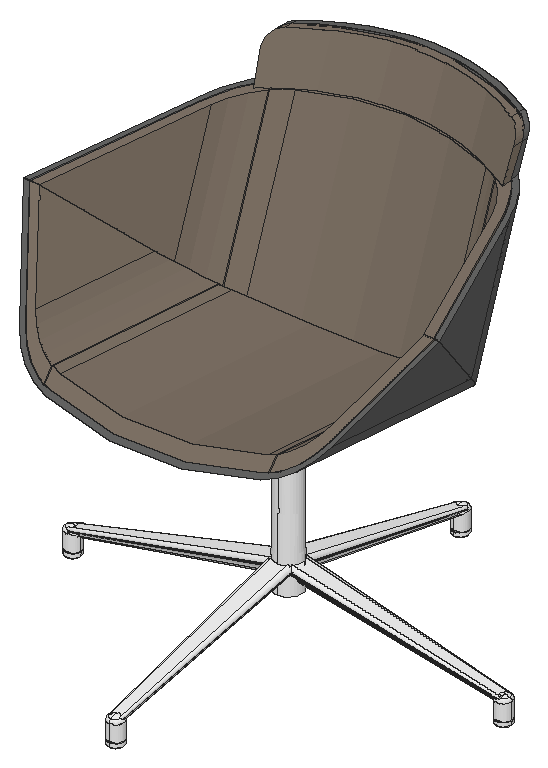
Revit family "Chair-Multi_Purpose-Allermuir-Phoulds PH2", category Furniture, Revit 2012
Parameters (values of type "PH2")
  ecoScorecard_data = "http://thesenatorgroup.ecoscorecard.com/product/PH1"
  ecoScorecard Product Page = "http://products.ecoscorecard.com/allermuir/PH1?action=html"
  White Plastic Back Membrane [instance] = no
  Weight = 18.0 lbf
  Upholstered Seat = ""
  Upholstered Back = ""
  URL = "http://www.allermuir.net/Default.aspx"
  Two Tone Upholstery [instance] = yes
  Swaged Tubular Steel Legs = ""
  Subcategory = "Multi-Purpose"  # constant formula
  Stacks = no
  Specifications URL = ""
  Seat or Base = Fabric - Allermuir - Smooth -Pebbled - Black
  Seat Width = 19 1/4"
  Seat Height = 16 1/8"
  Seat Depth Adjustment = no
  Seat Depth = 18 1/2"
  Seat = Fabric - Allermuir - Smooth -Pebbled - Black
  Product Page URL = "http://www.allermuir.net/Products.aspx?RangeId=502"
  Product Line = "Phoulds"  # constant formula
  Pricing URL = ""
  Polished Aluminum Arm Carrier [instance] = yes
  Plugin Data URL = "http://products.ecoscorecard.com/thesenatorgroup/PH1"
  Plastic Arms in Black = ""
  Pedestal Base = ""
  Overall Width = 23 1/2"
  Overall Height = 35"
  Overall Depth = 22 1/4"
  Optional Feature Notes = "Retracktable linking facility, soft touchh arm pads, polished aluminum frame"
  Negative Seat Tilt = no
  Model = "PH2"  # constant formula
  Manufacturer Toll Free Phone = "(888) 887 5806"  # constant formula
  Manufacturer Phone = "(419) 887 5806"  # constant formula
  Manufacturer Fax = "(419) 887 5805"  # constant formula
  Manufacturer Email = "mailto:contact@allermuir-na.com"
  Manufacturer Address = "1630 Holland Road, Maumee, Ohio 43537 "  # constant formula
  Manufacturer = "Allermuir"  # constant formula
  Lumbar Adjustment [instance] = no
  Leg = Metal - Allermuir - Chrome - Polished
  LEED Stats URL = ""
  Height Adjustable Arms with Multi funtction Pad = no
  Height Adjustable Arms = no
  Glides = Fabric - Allermuir - Smooth -Pebbled - Black
  Glides = Fabric - Allermuir - Smooth -Pebbled - Black
  Fabric Spec Sheets = "http://www.allermuir.net/Services/File.ashx?Type=B&Id=51"
  Detachable writing table = no
  Description = ""
  Cushion = Plastic - Allermuir - Canvas - Brown
  Color Availability = "See price list for material options"
  Caster Options [instance] = "NO"
  CAD Blocks URL = ""
  Brochure URL = ""
  Black Plastic Back Membrane = no
  Black Gas Lift = no
  Black GRP Base = no
  Black Components = yes
  Base or Frame = ""
  Base Type = ""
  Base 2 = yes
  Base = Metal - Allermuir - Chrome - Polished
  Base = Metal - Allermuir - Chrome - Polished
  Back frame with integral arms in a soft touch Plastic [instance] = no
  Assembly Code = "E2020200"
  Arm Height = 25 1/8"
  Airflow Back Mesh = no
  Advanced Sync Tilt with Multi Position Back = no
  95 CSI = "12510"  # constant formula
  2.5" Casters = no
  04 CSI = "12 51 00"  # constant formula
Reference planes (in)
  plane 1 "Center Front/Back": y = 0
  plane 2: z = 0
  plane 3 "Center Left/Right": x = 0
  plane 4: z = 16.125
  plane 5: through (0, -10.22784, 13.88249) normal (0, -0.1219, -0.9925)
  plane 6: x = -11.75
  plane 7: x = 11.75
  plane 8: y = 11.125
  plane 9: y = -11.125
  plane 10: z = 35
  plane 11: z = 25.125
Forms (in)
  Sweep 1, solid, material "Fabric - Allermuir - Smooth -Pebbled - Black" <- "Seat"
    path origin (0, -0.25, -0.75) x (0, 1, 0) y (0, 0, 1)
      loop
        line (-11.89844, 16.3655) -> (9.2707, 14.51344)
    profile origin (0, -1.56387, 14.68947) x (0, 0.087156, 0.996195) y (1, 0, 0)
      loop
        line (10.22646, -14.1297) -> (10.35417, -13.85584) -> (4.13518, -10.19268)
        arc (4.13518, -10.19268) -> (2.67616, -8.88237) -> (1.84056, -7.10827) r 4.94922
        arc (1.84056, -7.10827) -> (0.98083, 0.04523) -> (1.86232, 7.19607) r 29.81321
        arc (1.86232, 7.19607) -> (2.6988, 8.9616) -> (4.15333, 10.26587) r 4.94922
        line (4.15333, 10.26587) -> (10.11837, 13.77945) -> (9.96571, 14.03861) -> (4.00067, 10.52503)
        arc (4.00067, 10.52503) -> (2.45775, 9.14149) -> (1.57043, 7.26867) r 5.25
        arc (1.57043, 7.26867) -> (0.68004, 0.04568) -> (1.54845, -7.17998) r 30.11399
        arc (1.54845, -7.17998) -> (2.43483, -9.0619) -> (3.98253, -10.45185) r 5.25
        line (3.98253, -10.45185) -> (10.22646, -14.1297)
  Extrusion 2, void
    sketch origin (0, 0, 0) x (0, 1, 0) y (0, 0, 1)
      loop
        line (-4.75953, 24.9148) -> (6.57868, 14.34174) -> (10.07868, 14.34174) -> (10.07868, 26.84174) -> (-12.88911, 26.84174) -> (-12.88911, 15.34246) -> (-4.75953, 24.9148)
    from -16.14134 to 16.94603
  Sweep 3, solid, material "Fabric - Allermuir - Smooth -Pebbled - Black" <- "Seat"
    path origin (0, 22.76748, 13.84241) x (0, -0.433838, -0.900991) y (0, -0.900991, 0.433838)
      loop
        line (-11.89844, 16.3655) -> (9.2707, 14.51344)
    profile origin (0, 9.42666, 21.72442) x (0, 0.935374, -0.35366) y (1, 0, 0)
      loop
        spline (-5.4924, -10.45185) -> (-5.03765, -10.25909) -> (-4.60738, -10.0486) -> (-4.20083, -9.81986) -> (-3.81693, -9.57207) -> (-3.45775, -9.30674) -> (-3.12791, -9.02722) -> (-2.8272, -8.73288) -> (-2.5561, -8.42481) -> (-2.31794, -8.10668) -> (-2.11372, -7.77959) -> (-1.9423, -7.4423) -> (-1.80352, -7.09461)
        spline (-1.80352, -7.09461) -> (-1.41658, -5.95002) -> (-1.09827, -4.781) -> (-0.84988, -3.59234) -> (-0.67245, -2.38893) -> (-0.56669, -1.17571) -> (-0.53305, 0.04233) -> (-0.57166, 1.26021) -> (-0.68236, 2.47291) -> (-0.86469, 3.67546) -> (-1.11792, 4.86293) -> (-1.44099, 6.03042) -> (-1.83259, 7.17316)
        spline (-1.83259, 7.17316) -> (-1.97178, 7.52039) -> (-2.1435, 7.85719) -> (-2.34788, 8.18376) -> (-2.58606, 8.50132) -> (-2.8571, 8.80883) -> (-3.15771, 9.1027) -> (-3.48729, 9.38173) -> (-3.84615, 9.64661) -> (-4.22969, 9.894) -> (-4.63579, 10.1224) -> (-5.06554, 10.33256) -> (-5.51967, 10.52503)
        line (-5.51967, 10.52503) -> (-14.62913, 14.09526) -> (-14.74772, 13.79266) -> (-5.7491, 10.26587)
        spline (-5.7491, 10.26587) -> (-5.32075, 10.08432) -> (-4.91542, 9.88607) -> (-4.53239, 9.67062) -> (-4.17067, 9.43723) -> (-3.83225, 9.18735) -> (-3.52145, 8.92412) -> (-3.23801, 8.64688) -> (-2.98248, 8.35677) -> (-2.75797, 8.0572) -> (-2.56536, 7.74912) -> (-2.40357, 7.43137) -> (-2.27247, 7.10379)
        spline (-2.27247, 7.10379) -> (-1.88454, 5.97216) -> (-1.56448, 4.81598) -> (-1.31362, 3.64003) -> (-1.13298, 2.44911) -> (-1.02331, 1.24814) -> (-0.98506, 0.04204) -> (-1.01838, -1.16422) -> (-1.12314, -2.36571) -> (-1.29891, -3.55747) -> (-1.54496, -4.73461) -> (-1.86029, -5.8923) -> (-2.24359, -7.02578)
        spline (-2.24359, -7.02578) -> (-2.37431, -7.35378) -> (-2.53582, -7.67195) -> (-2.7283, -7.9805) -> (-2.95278, -8.28059) -> (-3.20837, -8.57119) -> (-3.49191, -8.84886) -> (-3.80293, -9.11253) -> (-4.14164, -9.36283) -> (-4.50369, -9.59657) -> (-4.88711, -9.81233) -> (-5.29292, -10.01087) -> (-5.72183, -10.19268)
        line (-5.72183, -10.19268) -> (-14.80799, -13.75378) -> (-14.6894, -14.05638) -> (-5.4924, -10.45185)
  Extrusion 4, void
    sketch origin (0, 0, 0) x (0, 1, 0) y (0, 0, 1)
      loop
        line (-4.75953, 24.9148) -> (12.33337, 27.65431) -> (13.49805, 32.00097) -> (-1.1601, 37.3361) -> (-9.16581, 16.4805) -> (5.18886, 11.25583) -> (6.72972, 14.2009) -> (-4.75953, 24.9148)
    from 20.2764 to -20.71072
  Sweep 5, solid, material "Fabric - Allermuir - Smooth -Pebbled - Black" <- "Seat"
    path origin (-0.02347, 23.12518, 13.84241) x (0.000781, -0.433837, -0.900991) y (-0.001623, 0.900989, -0.433838)
      loop
        line (-11.40034, -16.32192) -> (-5.42317, -15.79899) -> (-4.92507, -15.75541)
    profile origin (-0.00398, 12.30421, 28.38896) x (-0.001685, 0.935372, -0.35366) y (0.999998, 0.001801, 0)
      loop
        arc (-3.86573, 9.40569) -> (-1.32683, 0) -> (-3.86573, -9.40569) r 18.69174
        line (-3.86573, -9.40569) -> (-3.51518, -9.55048)
        arc (-3.51518, -9.55048) -> (-0.83787, 0) -> (-3.51518, 9.55048) r 18.37285
        line (-3.51518, 9.55048) -> (-3.86573, 9.40569)
  Extrusion 6, void
    sketch origin (0, 0, 0) x (1, 0, 0) y (0, 0, 1)
      loop
        arc (-7.62117, 30.04965) -> (-8.29976, 29.68303) -> (-8.53648, 28.94895) r 1.03516
        line (-8.53648, 28.94895) -> (-8.39182, 26.88029)
        arc (-8.39182, 26.88029) -> (-0.01271, 27.36956) -> (8.36626, 26.87769) r 71.80353
        line (8.36626, 26.87769) -> (8.51178, 28.95863)
        arc (8.51178, 28.95863) -> (8.27463, 29.69322) -> (7.59514, 30.05948) r 1.03516
        arc (7.59514, 30.05948) -> (-0.01329, 30.48465) -> (-7.62117, 30.04965) r 67.50917
      loop
        line (9.65231, 25.20039) -> (9.65231, 33.70039) -> (-10.47269, 33.70039) -> (-10.47269, 25.20039) -> (9.65231, 25.20039)
    from -13.27822 to -5.98762
  Sweep 7, solid, material "Plastic - Allermuir - Canvas - Brown" <- "Cushion"
    path origin (0.09758, 22.82449, 13.84241) x (-0.002678, -0.43383, -0.900991) y (0.005562, 0.900974, -0.433838)
      loop
        line (-11.41997, -15.91516) -> (-4.73596, -15.55155)
    profile origin (0.03171, 12.15361, 27.94631) x (0.005699, 0.923209, -0.384256) y (0.999981, -0.006173, 0)
      loop
        arc (-4.30764, 9.32642) -> (-1.94309, -0.00016) -> (-4.30567, -9.32723) r 19.584
        line (-4.30567, -9.32723) -> (-3.86932, -9.50746)
        arc (-3.86932, -9.50746) -> (-1.40683, 0.00594) -> (-3.79429, 9.53845) r 19.91113
        line (-3.79429, 9.53845) -> (-4.30764, 9.32642)
  Sweep 8, solid, material "Plastic - Allermuir - Canvas - Brown" <- "Cushion"
    path origin (0, -0.25, -0.71875) x (0, 1, 0) y (0, 0, 1)
      loop
        line (-11.89844, 16.3655) -> (9.2707, 14.51344)
    profile origin (0, -1.56387, 14.72072) x (0, 0.087156, 0.996195) y (1, 0, 0)
      loop
        line (10.22255, -13.77831) -> (10.4683, -13.2513) -> (4.84462, -9.93879)
        arc (4.84462, -9.93879) -> (3.42173, -8.66094) -> (2.60682, -6.93077) r 4.82665
        arc (2.60682, -6.93077) -> (1.76838, 0.04557) -> (2.62804, 7.01932) r 29.07487
        arc (2.62804, 7.01932) -> (3.44381, 8.74112) -> (4.86231, 10.01309) r 4.82665
        line (4.86231, 10.01309) -> (10.26202, 13.19367) -> (9.96825, 13.6924) -> (4.15094, 10.26584)
        arc (4.15094, 10.26584) -> (2.64623, 8.91656) -> (1.78088, 7.09012) r 5.11998
        arc (1.78088, 7.09012) -> (0.91255, 0.04601) -> (1.75945, -7.0007) r 29.3682
        arc (1.75945, -7.0007) -> (2.62388, -8.83602) -> (4.13325, -10.19154) r 5.11998
        line (4.13325, -10.19154) -> (10.22255, -13.77831)
  Extrusion 9, void
    sketch origin (0, 0, 0) x (1, 0, 0) y (0, 0, 1)
      loop
        line (-7.58883, 29.26654) -> (-7.58883, 16.04692) -> (-7.55758, 16.04692) -> (-7.55758, 29.26654) -> (-7.58883, 29.26654)
    from -14.27915 to 18.22316
  Extrusion 10, void
    sketch origin (0, 0, 0) x (-1, 0, 0) y (0, 0, -1)
      loop
        line (-7.58883, -32.00097) -> (-7.55758, -32.00097) -> (-7.55758, -16.04692) -> (-7.58883, -16.04692) -> (-7.58883, -32.00097)
    from -14.27915 to 18.22316
  Sweep 11, solid, material "Plastic - Allermuir - Canvas - Brown" <- "Cushion"
    path origin (0, 22.01748, 13.84241) x (0, -0.433838, -0.900991) y (0, 0.900991, -0.433838)
      loop
        line (-11.89844, -16.3655) -> (9.2707, -14.51344)
    profile origin (0, 8.67666, 21.72442) x (0, 0.935374, -0.35366) y (1, 0, 0)
      loop
        spline (-5.08918, -10.14231) -> (-4.64354, -9.95341) -> (-4.22188, -9.74714) -> (-3.82347, -9.52298) -> (-3.44725, -9.28015) -> (-3.09526, -9.02013) -> (-2.77203, -8.74621) -> (-2.47734, -8.45776) -> (-2.21166, -8.15586) -> (-1.97828, -7.8441) -> (-1.77814, -7.52355) -> (-1.61016, -7.19302) -> (-1.47415, -6.85229)
        spline (-1.47415, -6.85229) -> (-1.09953, -5.74383) -> (-0.79154, -4.61166) -> (-0.55146, -3.46046) -> (-0.38027, -2.29497) -> (-0.27868, -1.12) -> (-0.24712, 0.05959) -> (-0.28571, 1.23893) -> (-0.3943, 2.41317) -> (-0.57243, 3.57744) -> (-0.81936, 4.72695) -> (-1.13409, 5.85695) -> (-1.51531, 6.96278)
        spline (-1.51531, 6.96278) -> (-1.64957, 7.29769) -> (-1.8152, 7.62256) -> (-2.01234, 7.93755) -> (-2.24207, 8.24385) -> (-2.5035, 8.54046) -> (-2.79345, 8.82391) -> (-3.11135, 9.09304) -> (-3.45749, 9.34853) -> (-3.82742, 9.58716) -> (-4.21913, 9.80745) -> (-4.63364, 10.01016) -> (-5.07167, 10.19581)
        line (-5.07167, 10.19581) -> (-14.28594, 13.80711) -> (-14.50953, 13.23662) -> (-4.93841, 9.48546)
        arc (-4.93841, 9.48546) -> (-3.16873, 8.30613) -> (-2.04926, 6.498) r 5
        arc (-2.04926, 6.498) -> (-0.93367, 0.04985) -> (-2.01629, -6.40392) r 19.4809
        arc (-2.01629, -6.40392) -> (-3.13536, -8.22697) -> (-4.9139, -9.41549) r 5
        line (-4.9139, -9.41549) -> (-14.56774, -13.19907) -> (-14.34415, -13.76956) -> (-5.08918, -10.14231)
  Extrusion 12, solid, material "Metal - Allermuir - Chrome - Polished" <- "Base", visible <- "Base 2"
    sketch origin (0, 2.32732, 14.55375) x (0, 0.996482, -0.083813) y (-1, 0, 0)
      loop
        circle (-2.34349, 0) r 2.95218
    from 0.23477 to 0.63973
  Revolve 13, solid, material "Metal - Allermuir - Chrome - Polished" <- "Base", visible <- "Base 2"
    sketch origin (0, 0, 0) x (0, 1, 0) y (0, 0, 1)
      loop
        line (0.91545, 15.20843) -> (0, 15.20843) -> (0, 3.03886) -> (0.89794, 3.03886) -> (0.78959, 12.79999) -> (0.91545, 12.79999) -> (0.91545, 15.20843)
      axis (0, 15.20843) -> (0, 3.03886)
    angle from 0 to 360
  SweptBlend 14, solid, material "Metal - Allermuir - Chrome - Polished" <- "Base", visible <- "Base 2"
    path origin (0, 0.41515, 15.26006) x (0, 0.99303, 0.117861) y (-1, 0, 0)
      loop
        line (-2.35152, 0) -> (-16.42951, 0)
    profile origin (0, -1.91998, 14.98291) x (1, 0, 0) y (0, -0.117861, 0.99303)
      loop
        arc (-0.58196, -10.10113) -> (-0.7789, -10.19802) -> (-0.84908, -10.40598) r 0.28584
        arc (-0.84908, -10.40598) -> (-0.84517, -10.44526) -> (-0.83886, -10.48422) r 0.64331
        arc (-0.83886, -10.48422) -> (-0.82082, -10.52084) -> (-0.78669, -10.54323) r 0.07755
        arc (-0.78669, -10.54323) -> (-0.418, -10.77549) -> (-0.20431, -11.15525) r 0.88744
        arc (-0.20431, -11.15525) -> (0.00001, -11.31159) -> (0.20433, -11.15525) r 0.21168
        arc (0.20433, -11.15525) -> (0.418, -10.77551) -> (0.78665, -10.54324) r 0.88744
        arc (0.78665, -10.54324) -> (0.82083, -10.52082) -> (0.83888, -10.48416) r 0.07763
        arc (0.83888, -10.48416) -> (0.84513, -10.44563) -> (0.84904, -10.40679) r 0.64331
        arc (0.84904, -10.40679) -> (0.77905, -10.19864) -> (0.58208, -10.10153) r 0.28589
        arc (0.58208, -10.10153) -> (0.00007, -10.08285) -> (-0.58196, -10.10113) r 9.17184
    end profile origin (0, -15.89985, 13.32366) x (1, 0, 0) y (0, -0.117861, 0.99303)
      loop
        arc (-0.30426, -11.64369) -> (-0.40723, -11.69434) -> (-0.44392, -11.80307) r 0.14944
        arc (-0.44392, -11.80307) -> (-0.44188, -11.82361) -> (-0.43858, -11.84397) r 0.33634
        arc (-0.43858, -11.84397) -> (-0.42915, -11.86312) -> (-0.4113, -11.87482) r 0.04054
        arc (-0.4113, -11.87482) -> (-0.21854, -11.99626) -> (-0.10682, -12.1948) r 0.46398
        arc (-0.10682, -12.1948) -> (0, -12.27654) -> (0.10683, -12.1948) r 0.11067
        arc (0.10683, -12.1948) -> (0.21854, -11.99627) -> (0.41128, -11.87483) r 0.46398
        arc (0.41128, -11.87483) -> (0.42915, -11.86311) -> (0.43859, -11.84394) r 0.04059
        arc (0.43859, -11.84394) -> (0.44185, -11.8238) -> (0.4439, -11.8035) r 0.33634
        arc (0.4439, -11.8035) -> (0.40731, -11.69467) -> (0.30433, -11.6439) r 0.14947
        arc (0.30433, -11.6439) -> (0.00003, -11.63413) -> (-0.30426, -11.64369) r 4.79526
  Revolve 15, solid, material "Metal - Allermuir - Chrome - Polished" <- "Base", visible <- "Base 2"
    sketch origin (0, 0, 0) x (0, 1, 0) y (0, 0, 1)
      loop
        line (-14.88865, 0.11054) -> (-14.88865, 0) -> (-14.46724, 0) -> (-14.46724, 1.85456)
        arc (-14.46724, 1.85456) -> (-14.67368, 1.79066) -> (-14.86948, 1.69923) r 1.5829
        arc (-14.86948, 1.69923) -> (-14.96384, 1.60744) -> (-14.99849, 1.48045) r 0.25
        line (-14.99849, 1.48045) -> (-14.99849, 0.39013)
        arc (-14.99849, 0.39013) -> (-14.99417, 0.36841) -> (-14.98187, 0.34999) r 0.05676
        line (-14.98187, 0.34999) -> (-14.95548, 0.32361) -> (-14.99849, 0.32361) -> (-14.99849, 0.11054) -> (-14.88865, 0.11054)
      axis (-14.46724, 1.85456) -> (-14.46724, 0)
    angle from 0 to 360
  SweptBlend 16, solid, material "Metal - Allermuir - Chrome - Polished" <- "Base", visible <- "Base 2"
    path origin (-0.41515, 0, 15.26006) x (-0.99303, 0, 0.117861) y (0, -1, 0)
      loop
        line (-2.35152, 0) -> (-16.42951, 0)
    profile origin (1.91998, 0, 14.98291) x (0, 1, 0) y (0.117861, 0, 0.99303)
      loop
        arc (-0.58196, -10.10113) -> (-0.7789, -10.19802) -> (-0.84908, -10.40598) r 0.28584
        arc (-0.84908, -10.40598) -> (-0.84517, -10.44526) -> (-0.83886, -10.48422) r 0.64331
        arc (-0.83886, -10.48422) -> (-0.82082, -10.52084) -> (-0.78669, -10.54323) r 0.07755
        arc (-0.78669, -10.54323) -> (-0.418, -10.77549) -> (-0.20431, -11.15525) r 0.88744
        arc (-0.20431, -11.15525) -> (0.00001, -11.31159) -> (0.20433, -11.15525) r 0.21168
        arc (0.20433, -11.15525) -> (0.418, -10.77551) -> (0.78665, -10.54324) r 0.88744
        arc (0.78665, -10.54324) -> (0.82083, -10.52082) -> (0.83888, -10.48416) r 0.07763
        arc (0.83888, -10.48416) -> (0.84513, -10.44563) -> (0.84904, -10.40679) r 0.64331
        arc (0.84904, -10.40679) -> (0.77905, -10.19864) -> (0.58208, -10.10153) r 0.28589
        arc (0.58208, -10.10153) -> (0.00007, -10.08285) -> (-0.58196, -10.10113) r 9.17184
    end profile origin (15.89985, 0, 13.32366) x (0, 1, 0) y (0.117861, 0, 0.99303)
      loop
        arc (-0.30426, -11.64369) -> (-0.40723, -11.69434) -> (-0.44392, -11.80307) r 0.14944
        arc (-0.44392, -11.80307) -> (-0.44188, -11.82361) -> (-0.43858, -11.84397) r 0.33634
        arc (-0.43858, -11.84397) -> (-0.42915, -11.86312) -> (-0.4113, -11.87482) r 0.04054
        arc (-0.4113, -11.87482) -> (-0.21854, -11.99626) -> (-0.10682, -12.1948) r 0.46398
        arc (-0.10682, -12.1948) -> (0, -12.27654) -> (0.10683, -12.1948) r 0.11067
        arc (0.10683, -12.1948) -> (0.21854, -11.99627) -> (0.41128, -11.87483) r 0.46398
        arc (0.41128, -11.87483) -> (0.42915, -11.86311) -> (0.43859, -11.84394) r 0.04059
        arc (0.43859, -11.84394) -> (0.44185, -11.8238) -> (0.4439, -11.8035) r 0.33634
        arc (0.4439, -11.8035) -> (0.40731, -11.69467) -> (0.30433, -11.6439) r 0.14947
        arc (0.30433, -11.6439) -> (0.00003, -11.63413) -> (-0.30426, -11.64369) r 4.79526
  SweptBlend 17, solid, material "Metal - Allermuir - Chrome - Polished" <- "Base", visible <- "Base 2"
    path origin (0, -0.41515, 15.26006) x (0, -0.99303, 0.117861) y (1, 0, 0)
      loop
        line (-2.35152, 0) -> (-16.42951, 0)
    profile origin (0, 1.91998, 14.98291) x (-1, 0, 0) y (0, 0.117861, 0.99303)
      loop
        arc (-0.58196, -10.10113) -> (-0.7789, -10.19802) -> (-0.84908, -10.40598) r 0.28584
        arc (-0.84908, -10.40598) -> (-0.84517, -10.44526) -> (-0.83886, -10.48422) r 0.64331
        arc (-0.83886, -10.48422) -> (-0.82082, -10.52084) -> (-0.78669, -10.54323) r 0.07755
        arc (-0.78669, -10.54323) -> (-0.418, -10.77549) -> (-0.20431, -11.15525) r 0.88744
        arc (-0.20431, -11.15525) -> (0.00001, -11.31159) -> (0.20433, -11.15525) r 0.21168
        arc (0.20433, -11.15525) -> (0.418, -10.77551) -> (0.78665, -10.54324) r 0.88744
        arc (0.78665, -10.54324) -> (0.82083, -10.52082) -> (0.83888, -10.48416) r 0.07763
        arc (0.83888, -10.48416) -> (0.84513, -10.44563) -> (0.84904, -10.40679) r 0.64331
        arc (0.84904, -10.40679) -> (0.77905, -10.19864) -> (0.58208, -10.10153) r 0.28589
        arc (0.58208, -10.10153) -> (0.00007, -10.08285) -> (-0.58196, -10.10113) r 9.17184
    end profile origin (0, 15.89985, 13.32366) x (-1, 0, 0) y (0, 0.117861, 0.99303)
      loop
        arc (-0.30426, -11.64369) -> (-0.40723, -11.69434) -> (-0.44392, -11.80307) r 0.14944
        arc (-0.44392, -11.80307) -> (-0.44188, -11.82361) -> (-0.43858, -11.84397) r 0.33634
        arc (-0.43858, -11.84397) -> (-0.42915, -11.86312) -> (-0.4113, -11.87482) r 0.04054
        arc (-0.4113, -11.87482) -> (-0.21854, -11.99626) -> (-0.10682, -12.1948) r 0.46398
        arc (-0.10682, -12.1948) -> (0, -12.27654) -> (0.10683, -12.1948) r 0.11067
        arc (0.10683, -12.1948) -> (0.21854, -11.99627) -> (0.41128, -11.87483) r 0.46398
        arc (0.41128, -11.87483) -> (0.42915, -11.86311) -> (0.43859, -11.84394) r 0.04059
        arc (0.43859, -11.84394) -> (0.44185, -11.8238) -> (0.4439, -11.8035) r 0.33634
        arc (0.4439, -11.8035) -> (0.40731, -11.69467) -> (0.30433, -11.6439) r 0.14947
        arc (0.30433, -11.6439) -> (0.00003, -11.63413) -> (-0.30426, -11.64369) r 4.79526
  Revolve 18, solid, material "Metal - Allermuir - Chrome - Polished" <- "Base", visible <- "Base 2"
    sketch origin (0, 0, 0) x (1, 0, 0) y (0, 0, 1)
      loop
        line (-14.88865, 0.11054) -> (-14.88865, 0) -> (-14.46724, 0) -> (-14.46724, 1.85456)
        arc (-14.46724, 1.85456) -> (-14.67368, 1.79066) -> (-14.86948, 1.69923) r 1.5829
        arc (-14.86948, 1.69923) -> (-14.96384, 1.60744) -> (-14.99849, 1.48045) r 0.25
        line (-14.99849, 1.48045) -> (-14.99849, 0.39013)
        arc (-14.99849, 0.39013) -> (-14.99417, 0.36841) -> (-14.98187, 0.34999) r 0.05676
        line (-14.98187, 0.34999) -> (-14.95548, 0.32361) -> (-14.99849, 0.32361) -> (-14.99849, 0.11054) -> (-14.88865, 0.11054)
      axis (-14.46724, 1.85456) -> (-14.46724, 0)
    angle from 0 to 360
  Revolve 19, solid, material "Metal - Allermuir - Chrome - Polished" <- "Base", visible <- "Base 2"
    sketch origin (0, 0, 0) x (-1, 0, 0) y (0, 0, 1)
      loop
        line (-14.88865, 0.11054) -> (-14.88865, 0) -> (-14.46724, 0) -> (-14.46724, 1.85456)
        arc (-14.46724, 1.85456) -> (-14.67368, 1.79066) -> (-14.86948, 1.69923) r 1.5829
        arc (-14.86948, 1.69923) -> (-14.96384, 1.60744) -> (-14.99849, 1.48045) r 0.25
        line (-14.99849, 1.48045) -> (-14.99849, 0.39013)
        arc (-14.99849, 0.39013) -> (-14.99417, 0.36841) -> (-14.98187, 0.34999) r 0.05676
        line (-14.98187, 0.34999) -> (-14.95548, 0.32361) -> (-14.99849, 0.32361) -> (-14.99849, 0.11054) -> (-14.88865, 0.11054)
      axis (-14.46724, 1.85456) -> (-14.46724, 0)
    angle from 0 to 360
  Revolve 20, solid, material "Metal - Allermuir - Chrome - Polished" <- "Base", visible <- "Base 2"
    sketch origin (0, 0, 0) x (0, -1, 0) y (0, 0, 1)
      loop
        line (-14.88865, 0.11054) -> (-14.88865, 0) -> (-14.46724, 0) -> (-14.46724, 1.85456)
        arc (-14.46724, 1.85456) -> (-14.67368, 1.79066) -> (-14.86948, 1.69923) r 1.5829
        arc (-14.86948, 1.69923) -> (-14.96384, 1.60744) -> (-14.99849, 1.48045) r 0.25
        line (-14.99849, 1.48045) -> (-14.99849, 0.39013)
        arc (-14.99849, 0.39013) -> (-14.99417, 0.36841) -> (-14.98187, 0.34999) r 0.05676
        line (-14.98187, 0.34999) -> (-14.95548, 0.32361) -> (-14.99849, 0.32361) -> (-14.99849, 0.11054) -> (-14.88865, 0.11054)
      axis (-14.46724, 1.85456) -> (-14.46724, 0)
    angle from 0 to 360
  SweptBlend 21, solid, material "Metal - Allermuir - Chrome - Polished" <- "Base", visible <- "Base 2"
    path origin (0.41515, 0, 15.26006) x (0.99303, 0, 0.117861) y (0, 1, 0)
      loop
        line (-2.35152, 0) -> (-16.42951, 0)
    profile origin (-1.91998, 0, 14.98291) x (0, -1, 0) y (-0.117861, 0, 0.99303)
      loop
        arc (0.58196, -10.10113) -> (-0.00007, -10.08285) -> (-0.58208, -10.10153) r 9.17184
        arc (-0.58208, -10.10153) -> (-0.77905, -10.19864) -> (-0.84904, -10.40679) r 0.28589
        arc (-0.84904, -10.40679) -> (-0.84513, -10.44563) -> (-0.83888, -10.48416) r 0.64331
        arc (-0.83888, -10.48416) -> (-0.82083, -10.52082) -> (-0.78665, -10.54324) r 0.07763
        arc (-0.78665, -10.54324) -> (-0.418, -10.77551) -> (-0.20433, -11.15525) r 0.88744
        arc (-0.20433, -11.15525) -> (-0.00001, -11.31159) -> (0.20431, -11.15525) r 0.21168
        arc (0.20431, -11.15525) -> (0.418, -10.77549) -> (0.78669, -10.54323) r 0.88744
        arc (0.78669, -10.54323) -> (0.82082, -10.52084) -> (0.83886, -10.48422) r 0.07755
        arc (0.83886, -10.48422) -> (0.84517, -10.44526) -> (0.84908, -10.40598) r 0.64331
        arc (0.84908, -10.40598) -> (0.7789, -10.19802) -> (0.58196, -10.10113) r 0.28584
    end profile origin (-15.89985, 0, 13.32366) x (0, -1, 0) y (-0.117861, 0, 0.99303)
      loop
        arc (0.30426, -11.64369) -> (-0.00003, -11.63413) -> (-0.30433, -11.6439) r 4.79526
        arc (-0.30433, -11.6439) -> (-0.40731, -11.69467) -> (-0.4439, -11.8035) r 0.14947
        arc (-0.4439, -11.8035) -> (-0.44185, -11.8238) -> (-0.43859, -11.84394) r 0.33634
        arc (-0.43859, -11.84394) -> (-0.42915, -11.86311) -> (-0.41128, -11.87483) r 0.04059
        arc (-0.41128, -11.87483) -> (-0.21854, -11.99627) -> (-0.10683, -12.1948) r 0.46398
        arc (-0.10683, -12.1948) -> (0, -12.27654) -> (0.10682, -12.1948) r 0.11067
        arc (0.10682, -12.1948) -> (0.21854, -11.99626) -> (0.4113, -11.87482) r 0.46398
        arc (0.4113, -11.87482) -> (0.42915, -11.86312) -> (0.43858, -11.84397) r 0.04054
        arc (0.43858, -11.84397) -> (0.44188, -11.82361) -> (0.44392, -11.80307) r 0.33634
        arc (0.44392, -11.80307) -> (0.40723, -11.69434) -> (0.30426, -11.64369) r 0.14944
Cuts and joins
  Extrusion 2 cuts Sweep 1
  Extrusion 4, Extrusion 10 cuts Sweep 3
  Extrusion 2, Extrusion 6 cuts Sweep 5
  Extrusion 2, Extrusion 6 cuts Sweep 7
  Extrusion 2, Extrusion 9, Extrusion 10 cuts Sweep 8
  Extrusion 4, Extrusion 9, Extrusion 10 cuts Sweep 11
Lines and regions (in)
  symbolic lines, style "Chair"
    curve 1: line (8.05256, 7.36842, 0) -> (-8.29492, 7.1541, 0)
    curve 2: spline (-8.51746, 7.99664, 0) -> (-8.70866, 7.79137, 0) -> (-8.8919, 7.57915, 0) -> (-9.06692, 7.36027, 0) -> (-9.23348, 7.13504, 0) -> (-9.39134, 6.90379, 0) -> (-9.54028, 6.66683, 0) -> (-9.68008, 6.42451, 0) -> (-9.81055, 6.17716, 0) -> (-9.9315, 5.92513, 0) -> (-10.04277, 5.66879, 0) -> (-10.1442, 5.40848, 0) -> (-10.23564, 5.14458, 0)
    curve 3: line (-9.7263, 4.8888, 0) -> (-12.99576, -4.78072, 0)
    curve 4: line (-13.58574, -4.75979, 0) -> (-10.23676, 5.14494, 0)
    curve 5: line (-13.94206, -4.75953, 0) -> (-10.45185, 5.37519, 0)
    curve 6: line (-13.59297, -4.75953, 0) -> (-13.94206, -4.75953, 0)
    curve 7: line (-13.58574, -4.75979, 0) -> (-12.99576, -4.78072, 0)
    curve 8: line (-8.54129, 3.45863, 0) -> (-12.95279, -4.65363, 0)
    curve 9: arc (-10.45185, 5.37519, 0) -> (-10.02424, 6.43349, 0) -> (-9.4884, 7.44131, 0) r 10.90969
    curve 10: arc (-9.4884, 7.44131, 0) -> (-9.05465, 8.05734, 0) -> (-8.53648, 8.60427, 0) r 5.20285
    curve 11: line (-10.45185, -9.46166, 0) -> (-13.94206, -4.75953, 0)
    curve 12: line (-13.59297, -4.75953, 0) -> (-10.16862, -9.37294, 0)
    curve 13: line (-13.02141, -4.77981, 0) -> (-9.52339, -9.41992, 0)
    curve 14: line (-7.58883, -10.7427, 0) -> (-7.58883, 7.57015, 0)
    curve 15: spline (8.50346, 8.07457, 0) -> (8.70386, 7.8654, 0) -> (8.89587, 7.64871, 0) -> (9.07921, 7.42482, 0) -> (9.2536, 7.19406, 0) -> (9.41878, 6.95679, 0) -> (9.57451, 6.71337, 0) -> (9.72054, 6.46415, 0) -> (9.85666, 6.20951, 0) -> (9.98266, 5.94985, 0) -> (10.09835, 5.68553, 0) -> (10.20357, 5.41698, 0) -> (10.29814, 5.14458, 0)
    curve 16: line (9.7888, 4.8888, 0) -> (13.0551, -4.77138, 0)
    curve 17: line (13.64824, -4.75979, 0) -> (10.29926, 5.14494, 0)
    curve 18: line (14.00456, -4.75953, 0) -> (10.51435, 5.37519, 0)
    curve 19: line (13.61641, -4.75953, 0) -> (14.00456, -4.75953, 0)
    curve 20: line (13.64824, -4.75979, 0) -> (13.05826, -4.78072, 0)
    curve 21: line (8.60379, 3.45863, 0) -> (13.01529, -4.65363, 0)
    curve 22: arc (10.51435, 5.37519, 0) -> (10.08674, 6.43349, 0) -> (9.5509, 7.44131, 0) r 10.90969
    curve 23: arc (9.5509, 7.44131, 0) -> (9.07988, 8.10236, 0) -> (8.51178, 8.6821, 0) r 5.20285
    curve 24: line (10.52503, -9.44726, 0) -> (14.00456, -4.75953, 0)
    curve 25: line (13.61641, -4.75953, 0) -> (10.10794, -9.48398, 0)
    curve 26: line (13.0551, -4.77138, 0) -> (9.66364, -9.27015, 0)
    curve 27: line (7.58883, -10.7427, 0) -> (7.58883, 7.62162, 0)
    curve 28: line (-7.18051, -11.39293, 0) -> (-10.45185, -9.46166, 0)
    curve 29: spline (7.26933, -11.37541, 0) -> (6.09287, -11.58889, 0) -> (4.90158, -11.76454, 0) -> (3.69834, -11.90194, 0) -> (2.4861, -12.00074, 0) -> (1.26781, -12.06072, 0) -> (0.04643, -12.08171, 0) -> (-1.17506, -12.06368, 0) -> (-2.39369, -12.00666, 0) -> (-3.6065, -11.9108, 0) -> (-4.81052, -11.77632, 0) -> (-6.00282, -11.60356, 0) -> (-7.18051, -11.39293, 0)
    curve 30: line (10.52503, -9.44726, 0) -> (7.26933, -11.37541, 0)
    curve 31: spline (-7.10818, -11.16125, 0) -> (-5.94236, -11.36973, 0) -> (-4.76208, -11.54074, 0) -> (-3.5702, -11.67385, 0) -> (-2.36963, -11.76874, 0) -> (-1.16329, -11.82518, 0) -> (0.04588, -11.84303, 0) -> (1.25494, -11.82225, 0) -> (2.46095, -11.76289, 0) -> (3.66096, -11.6651, 0) -> (4.85207, -11.5291, 0) -> (6.03135, -11.35524, 0) -> (7.19596, -11.14394, 0)
    curve 32: arc (-10.16493, -9.37021, 0) -> (-8.81914, -10.57734, 0) -> (-7.10818, -11.16125, 0) r 4.52472
    curve 33: arc (10.10794, -9.48398, 0) -> (8.80938, -10.59012, 0) -> (7.19596, -11.14394, 0) r 4.57686
    curve 34: spline (-9.52339, -9.41992, 0) -> (-9.43397, -9.53101, 0) -> (-9.33864, -9.64008, 0) -> (-9.23751, -9.747, 0) -> (-9.13071, -9.85165, 0) -> (-9.01837, -9.9539, 0) -> (-8.90063, -10.05363, 0) -> (-8.77762, -10.15071, 0) -> (-8.6495, -10.24502, 0) -> (-8.51643, -10.33645, 0) -> (-8.37856, -10.42488, 0) -> (-8.23607, -10.51022, 0) -> (-8.08912, -10.59236, 0)
    curve 35: arc (-8.08912, -10.59236, 0) -> (0, -11.82118, 0) -> (8.08912, -10.59236, 0) r 27.23895
    curve 36: arc (-7.15466, 4.555, 0) -> (0.03125, 5.51392, 0) -> (7.21716, 4.555, 0) r 27.404
    curve 37: arc (7.21716, 4.555, 0) -> (8.02265, 4.14869, 0) -> (8.60379, 3.45863, 0) r 2.25
    curve 38: arc (-8.54129, 3.45863, 0) -> (-7.96015, 4.14869, 0) -> (-7.15466, 4.555, 0) r 2.25
    curve 39: arc (9.66364, -9.27015, 0) -> (8.95151, -10.02072, 0) -> (8.08912, -10.59236, 0) r 4.58151
    curve 40: arc (-9.7263, 4.8888, 0) -> (-9.17181, 6.12331, 0) -> (-8.29492, 7.1541, 0) r 4.80245
    curve 41: arc (9.7888, 4.8888, 0) -> (9.13233, 6.27681, 0) -> (8.05256, 7.36842, 0) r 4.5622
    curve 42: line (-7.62117, 9.38816, 0) -> (7.59514, 9.40379, 0)
    curve 43: line (-7.62117, 9.76312, 0) -> (7.59514, 9.80718, 0)
    curve 44: line (-8.53648, 8.48076, 0) -> (-7.62117, 9.38816, 0)
    curve 45: line (-8.53648, 8.87516, 0) -> (-7.62117, 9.76312, 0)
    curve 46: line (-7.62117, 10.2532, 0) -> (-8.53648, 9.35518, 0)
    curve 47: line (8.51178, 9.40483, 0) -> (7.59514, 10.29667, 0)
    curve 48: line (7.59514, 9.40379, 0) -> (8.51178, 8.49729, 0)
    curve 49: line (-8.36029, 7.09516, 0) -> (-8.53648, 8.10576, 0)
    curve 50: line (8.51178, 8.12229, 0) -> (8.34119, 7.14354, 0)
    curve 51: line (7.59514, 9.80718, 0) -> (8.51178, 8.92542, 0)
    curve 52: line (8.51178, 8.12229, 0) -> (8.51178, 9.40483, 0)
    curve 53: line (-8.53648, 8.10576, 0) -> (-8.53648, 9.35518, 0)
    curve 54: arc (-7.62117, 10.2532, 0) -> (-0.01851, 12.19762, 0) -> (7.59514, 10.29667, 0) r 16.01436
  symbolic lines, style "Chair", visible <- "Base 2"
    curve 55: line (-12.10724, 0.50587, 0) -> (-14.32502, 0.44928, 0)
    curve 56: arc (-14.32502, 0.44928, 0) -> (-14.42198, 0.4426, 0) -> (-14.518, 0.42756, 0) r 1.12271
    curve 57: arc (-14.518, 0.42756, 0) -> (-14.52779, 0.34633, 0) -> (-14.52621, 0.26454, 0) r 0.58854
    curve 58: arc (-14.52621, 0.26454, 0) -> (-14.33172, -0.00118, 0) -> (-14.52779, -0.26574, 0) r 0.27763
    curve 59: arc (-14.52779, -0.26574, 0) -> (-14.52711, -0.34701, 0) -> (-14.51798, -0.42777, 0) r 0.78113
    curve 60: arc (-14.51798, -0.42777, 0) -> (-14.44038, -0.44079, 0) -> (-14.3622, -0.44966, 0) r 1.4778
    curve 61: arc (-14.3622, -0.44966, 0) -> (-13.41072, -0.48122, 0) -> (-12.45922, -0.51213, 0) r 1393.11984
    curve 62: arc (-14.99849, 0, 0) -> (-14.72664, 0.46362, 0) -> (-14.18931, 0.45275, 0) r 0.53125
    curve 63: arc (-14.17602, -0.44431, 0) -> (-14.71974, -0.46741, 0) -> (-14.99849, 0, 0) r 0.53125
    curve 64: line (-0.50667, -12.07575, 0) -> (-0.44928, -14.32502, 0)
    curve 65: arc (-0.44928, -14.32502, 0) -> (-0.4426, -14.42198, 0) -> (-0.42756, -14.518, 0) r 1.12271
    curve 66: arc (-0.42756, -14.518, 0) -> (-0.34633, -14.52779, 0) -> (-0.26454, -14.52621, 0) r 0.58854
    curve 67: arc (-0.26454, -14.52621, 0) -> (0.00118, -14.33172, 0) -> (0.26574, -14.52779, 0) r 0.27763
    curve 68: arc (0.26574, -14.52779, 0) -> (0.34701, -14.52711, 0) -> (0.42777, -14.51798, 0) r 0.78113
    curve 69: arc (0.42777, -14.51798, 0) -> (0.44079, -14.44038, 0) -> (0.44966, -14.3622, 0) r 1.4778
    curve 70: arc (0, -14.99849, 0) -> (-0.46362, -14.72664, 0) -> (-0.45275, -14.18931, 0) r 0.53125
    curve 71: arc (0.45487, -14.1928, 0) -> (0.46261, -14.72842, 0) -> (0, -14.99849, 0) r 0.53125
    curve 72: line (-0.50369, 12.19291, 0) -> (-0.44928, 14.32502, 0)
    curve 73: arc (-0.44928, 14.32502, 0) -> (-0.4426, 14.42198, 0) -> (-0.42756, 14.518, 0) r 1.12271
    curve 74: arc (-0.42756, 14.518, 0) -> (-0.34633, 14.52779, 0) -> (-0.26454, 14.52621, 0) r 0.58854
    curve 75: arc (-0.26454, 14.52621, 0) -> (0.00118, 14.33172, 0) -> (0.26574, 14.52779, 0) r 0.27763
    curve 76: arc (0.26574, 14.52779, 0) -> (0.34701, 14.52711, 0) -> (0.42777, 14.51798, 0) r 0.78113
    curve 77: arc (0.42777, 14.51798, 0) -> (0.44079, 14.44038, 0) -> (0.44966, 14.3622, 0) r 1.4778
    curve 78: arc (0, 14.99849, 0) -> (-0.46362, 14.72664, 0) -> (-0.45275, 14.18931, 0) r 0.53125
    curve 79: arc (0.45458, 14.19232, 0) -> (0.46275, 14.72818, 0) -> (0, 14.99849, 0) r 0.53125
    curve 80: line (0.44966, 14.3622, 0) -> (0.51163, 12.22119, 0)
    curve 81: line (0.44966, -14.3622, 0) -> (0.52004, -12.07374, 0)
    curve 82: line (12.22532, 0.50286, 0) -> (14.32502, 0.44928, 0)
    curve 83: arc (14.32502, 0.44928, 0) -> (14.42198, 0.4426, 0) -> (14.518, 0.42756, 0) r 1.12271
    curve 84: arc (14.518, 0.42756, 0) -> (14.52779, 0.34633, 0) -> (14.52621, 0.26454, 0) r 0.58854
    curve 85: arc (14.52621, 0.26454, 0) -> (14.33172, -0.00118, 0) -> (14.52779, -0.26574, 0) r 0.27763
    curve 86: arc (14.52779, -0.26574, 0) -> (14.52711, -0.34701, 0) -> (14.51798, -0.42777, 0) r 0.78113
    curve 87: arc (14.51798, -0.42777, 0) -> (14.44038, -0.44079, 0) -> (14.3622, -0.44966, 0) r 1.4778
    curve 88: arc (14.99849, 0, 0) -> (14.72664, 0.46362, 0) -> (14.18931, 0.45275, 0) r 0.53125
    curve 89: arc (14.17602, -0.44431, 0) -> (14.71974, -0.46741, 0) -> (14.99849, 0, 0) r 0.53125
    curve 90: line (14.17602, -0.44431, 0) -> (12.5283, -0.50991, 0)
Dimensions and locks (in)
  "Seat Height": plane 4 to level
  equal spacing: plane 6, plane 3 "Center Left/Right", plane 7
  "Overall Width": plane 6 to plane 7
  equal spacing: plane 8, plane 1 "Center Front/Back", plane 9
  "Overall Depth": plane 8 to plane 9
  "Overall Height": plane 10 to level
  "Arm Height": plane 11 to level
  aligned and locked: Revolve 13 sketch curve to Revolve 13 sketch curve  (x2)
Automatic sketch dimensions
  Sweep 1 sketch curve to plane 4 = 0.5095"
  plane 9 to Sweep 1 sketch curve = 1 3/128"
  Sweep 1 sketch curve to plane 8 = 2.1043"
  Sweep 1 sketch curve to plane 4 = 2.36156"
  Sweep 1 sketch curve to Sweep 1 sketch curve = 0"  (x10)
  Sweep 1 sketch curve to profile plane = 1.54845"
  Sweep 1 sketch curve to profile plane = 1.57043"
  Sweep 1 sketch curve to Sweep 1 sketch curve = 0.29211"
  Sweep 1 sketch curve to Sweep 1 sketch curve = 2.14197"
  Sweep 1 sketch curve to Sweep 1 sketch curve = 2.13836"
  Sweep 1 sketch curve to Sweep 1 sketch curve = 0.15265"  (x3)
  Sweep 1 sketch curve to Sweep 1 sketch curve = 2.51187"  (x2)
  Sweep 1 sketch curve to Sweep 1 sketch curve = 5.96504"
  Sweep 1 sketch curve to Sweep 1 sketch curve = 6.24393"
  Sweep 1 sketch curve to Sweep 1 sketch curve = 0.1277"
  Sweep 1 sketch curve to profile plane = 0.00012"
  Sweep 1 sketch curve to Sweep 1 sketch curve = 20.43983"
  Sweep 1 sketch curve to profile plane = 5.92826"
  Sweep 1 sketch curve to Sweep 1 sketch curve = 3.66316"
  Sweep 1 sketch curve to Sweep 1 sketch curve = 0.27386"
  Extrusion 2 sketch curve to plane 4 = 0.78254"
  plane 9 to Extrusion 2 sketch curve = 1.76411"
  Extrusion 2 sketch curve to plane 11 = 0.2102"
  plane 1 "Center Front/Back" to Extrusion 2 sketch curve = 4.75953"
  Extrusion 2 sketch curve to plane 4 = 1.78326"
  Extrusion 2 sketch curve to plane 8 = 4.54632"
  Extrusion 2 sketch curve to plane 8 = 1.04632"
  plane 11 to Extrusion 2 sketch curve = 1.71674"
  Sweep 3 sketch curve to plane 8 = 2.0593"
  plane 10 to Sweep 3 sketch curve = 3.33724"
  Sweep 3 sketch curve to Sweep 3 sketch curve = 21.16914"
  Sweep 3 sketch curve to Sweep 3 sketch curve = 1.85206"
  profile plane to Sweep 3 sketch curve = 18.40567"
  profile plane to Sweep 3 sketch curve = 18.12942"
  Sweep 3 sketch curve to Sweep 3 sketch curve = 3.59768"
  Sweep 3 sketch curve to Sweep 3 sketch curve = 3.3817"
  Sweep 3 sketch curve to profile plane = 14.05638"
  Sweep 3 sketch curve to Sweep 3 sketch curve = 0.1186"  (x2)
  profile plane to Sweep 3 sketch curve = 14.09526"
  profile plane to Sweep 3 sketch curve = 5.7491"
  profile plane to Sweep 3 sketch curve = 5.72183"
  Sweep 3 sketch curve to Sweep 3 sketch curve = 0.22943"  (x2)
  profile plane to Sweep 3 sketch curve = 2.27247"
  profile plane to Sweep 3 sketch curve = 2.24359"
  Sweep 3 sketch curve to Sweep 3 sketch curve = 0.43989"
  Sweep 3 sketch curve to Sweep 3 sketch curve = 0.44007"
  Sweep 3 sketch curve to Sweep 3 sketch curve = 4.77051"
  Sweep 3 sketch curve to Sweep 3 sketch curve = 0.3026"
  Sweep 3 sketch curve to Sweep 3 sketch curve = 3.35724"
  Sweep 3 sketch curve to Sweep 3 sketch curve = 0.06883"
  profile plane to Sweep 3 sketch curve = 0.00045"
  profile plane to Sweep 3 sketch curve = 0.00046"
  Sweep 3 sketch curve to Sweep 3 sketch curve = 0.06937"
  Sweep 3 sketch curve to Sweep 3 sketch curve = 3.16208"
  plane 4 to Extrusion 4 sketch curve = 0.3555"
  Extrusion 4 sketch curve to plane 9 = 1.95919"
  Extrusion 4 sketch curve to plane 11 = 0.2102"
  plane 1 "Center Front/Back" to Extrusion 4 sketch curve = 4.75953"
  plane 1 "Center Front/Back" to Extrusion 4 sketch curve = 1.1601"
  Extrusion 4 sketch curve to plane 1 "Center Front/Back" = 5.18886"
  Extrusion 4 sketch curve to plane 4 = 1.9241"
  Extrusion 4 sketch curve to Extrusion 4 sketch curve = 1.54086"
  plane 8 to Extrusion 4 sketch curve = 1.20837"
  plane 8 to Extrusion 4 sketch curve = 2.37305"
  Extrusion 4 sketch curve to Extrusion 4 sketch curve = 2.94507"
  plane 11 to Extrusion 4 sketch curve = 2.52931"
  Extrusion 4 sketch curve to plane 10 = 2.99903"
  plane 10 to Extrusion 4 sketch curve = 2.3361"
  Sweep 5 sketch curve to plane 10 = 3.80492"
  Sweep 5 sketch curve to Sweep 5 sketch curve = 5.97717"
  Sweep 5 sketch curve to Sweep 5 sketch curve = 0.4981"
  Sweep 5 sketch curve to Sweep 5 sketch curve = 0.52293"
  Sweep 5 sketch curve to Sweep 5 sketch curve = 0.04358"
  profile plane to Sweep 5 sketch curve = 0"  (x2)
  profile plane to Sweep 5 sketch curve = 20.01857"
  Sweep 5 sketch curve to Sweep 5 sketch curve = 0.80785"
  profile plane to Sweep 5 sketch curve = 3.86573"  (x2)
  Sweep 5 sketch curve to Sweep 5 sketch curve = 0.35055"  (x2)
  Sweep 5 sketch curve to profile plane = 9.40569"
  Sweep 5 sketch curve to Sweep 5 sketch curve = 0.14479"
  plane 6 to Extrusion 6 sketch curve = 1.27731"
  plane 6 to Extrusion 6 sketch curve = 3.21352"
  Extrusion 6 sketch curve to Extrusion 6 sketch curve = 0.14466"
  Extrusion 6 sketch curve to Extrusion 6 sketch curve = 0.91531"
  Extrusion 6 sketch curve to Extrusion 6 sketch curve = 0"  (x2)
  Extrusion 6 sketch curve to Extrusion 6 sketch curve = 0.11732"
  Extrusion 6 sketch curve to plane 3 "Center Left/Right" = 0.02384"
  plane 3 "Center Left/Right" to Extrusion 6 sketch curve = 0.03032"
  plane 7 to Extrusion 6 sketch curve = 4.27086"
  Extrusion 6 sketch curve to Extrusion 6 sketch curve = 0.116"
  Extrusion 6 sketch curve to Extrusion 6 sketch curve = 0.88712"
  Extrusion 6 sketch curve to Extrusion 6 sketch curve = 1.03263"
  plane 11 to Extrusion 6 sketch curve = 0.07539"
  plane 7 to Extrusion 6 sketch curve = 2.09769"
  Extrusion 6 sketch curve to level = 37.02451"
  Extrusion 6 sketch curve to Extrusion 6 sketch curve = 7.40945"
  plane 11 to Extrusion 6 sketch curve = 1.75269"
  Extrusion 6 sketch curve to Extrusion 6 sketch curve = 2.06866"
  Extrusion 6 sketch curve to plane 10 = 1.29961"
  Sweep 7 sketch curve to plane 10 = 3.9637"
  Sweep 7 sketch curve to Sweep 7 sketch curve = 6.68401"
  Sweep 7 sketch curve to Sweep 7 sketch curve = 0.36361"
  Sweep 7 sketch curve to profile plane = 0.00223"
  profile plane to Sweep 7 sketch curve = 21.52709"
  profile plane to Sweep 7 sketch curve = 0.08439"
  Sweep 7 sketch curve to Sweep 7 sketch curve = 0.20929"
  profile plane to Sweep 7 sketch curve = 4.30764"
  profile plane to Sweep 7 sketch curve = 4.30567"
  Sweep 7 sketch curve to Sweep 7 sketch curve = 0.43635"
  Sweep 7 sketch curve to Sweep 7 sketch curve = 0.51336"
  Sweep 7 sketch curve to profile plane = 9.32723"
  Sweep 7 sketch curve to Sweep 7 sketch curve = 0.18023"
  Sweep 8 sketch curve to plane 4 = 0.47825"
  plane 9 to Sweep 8 sketch curve = 1 3/128"
  Sweep 8 sketch curve to plane 8 = 2.1043"
  Sweep 8 sketch curve to plane 4 = 2.33031"
  Sweep 8 sketch curve to profile plane = 1.75945"
  Sweep 8 sketch curve to Sweep 8 sketch curve = 0"  (x5)
  Sweep 8 sketch curve to profile plane = 1.78088"
  Sweep 8 sketch curve to Sweep 8 sketch curve = 0.84737"
  Sweep 8 sketch curve to Sweep 8 sketch curve = 0.84716"
  Sweep 8 sketch curve to Sweep 8 sketch curve = 1.52642"
  Sweep 8 sketch curve to Sweep 8 sketch curve = 1.5229"
  Sweep 8 sketch curve to Sweep 8 sketch curve = 0.71137"  (x2)
  Sweep 8 sketch curve to Sweep 8 sketch curve = 4.12496"
  Sweep 8 sketch curve to Sweep 8 sketch curve = 4.12143"
  Sweep 8 sketch curve to Sweep 8 sketch curve = 9/16"  (x3)
  Sweep 8 sketch curve to Sweep 8 sketch curve = 5.10594"
  Sweep 8 sketch curve to Sweep 8 sketch curve = 5.37793"
  Sweep 8 sketch curve to Sweep 8 sketch curve = 0.29377"
  Sweep 8 sketch curve to Sweep 8 sketch curve = 0.24575"
  profile plane to Sweep 8 sketch curve = 0.00134"  (x2)
  Sweep 8 sketch curve to Sweep 8 sketch curve = 22.98643"
  Sweep 8 sketch curve to profile plane = 5.77998"
  Sweep 8 sketch curve to Sweep 8 sketch curve = 3 5/16"
  Sweep 8 sketch curve to Sweep 8 sketch curve = 0.52701"
  Extrusion 9 sketch curve to plane 4 = 0.07808"
  plane 6 to Extrusion 9 sketch curve = 4.16117"
  Extrusion 9 sketch curve to Extrusion 9 sketch curve = 1/32"
  plane 4 to Extrusion 9 sketch curve = 13.14154"
  plane 4 to Extrusion 10 sketch curve = 0.07808"
  Extrusion 10 sketch curve to plane 7 = 4.16117"
  Extrusion 10 sketch curve to Extrusion 10 sketch curve = 1/32"
  Extrusion 10 sketch curve to plane 4 = 15.87597"
  Sweep 11 sketch curve to plane 8 = 1.3093"
  plane 10 to Sweep 11 sketch curve = 3.33724"
  Sweep 11 sketch curve to Sweep 11 sketch curve = 21.16914"
  Sweep 11 sketch curve to Sweep 11 sketch curve = 1.85206"
  profile plane to Sweep 11 sketch curve = 0.00007"
  profile plane to Sweep 11 sketch curve = 20.4145"
  profile plane to Sweep 11 sketch curve = 0.00044"
  Sweep 11 sketch curve to Sweep 11 sketch curve = 2.7329"
  Sweep 11 sketch curve to profile plane = 13.76956"
  Sweep 11 sketch curve to Sweep 11 sketch curve = 0.22359"  (x2)
  profile plane to Sweep 11 sketch curve = 13.80711"
  profile plane to Sweep 11 sketch curve = 6.7384"
  profile plane to Sweep 11 sketch curve = 6.76291"
  profile plane to Sweep 11 sketch curve = 5.08918"
  profile plane to Sweep 11 sketch curve = 5.07167"
  Sweep 11 sketch curve to Sweep 11 sketch curve = 0.17528"
  Sweep 11 sketch curve to Sweep 11 sketch curve = 0.13326"
  profile plane to Sweep 11 sketch curve = 2.04926"
  Sweep 11 sketch curve to Sweep 11 sketch curve = 0"  (x2)
  profile plane to Sweep 11 sketch curve = 2.01629"
  Sweep 11 sketch curve to Sweep 11 sketch curve = 0.53394"
  Sweep 11 sketch curve to Sweep 11 sketch curve = 0.54213"
  Sweep 11 sketch curve to Sweep 11 sketch curve = 0.57049"
  Sweep 11 sketch curve to Sweep 11 sketch curve = 0.44837"
  Sweep 11 sketch curve to Sweep 11 sketch curve = 0.46478"
  Sweep 11 sketch curve to Sweep 11 sketch curve = 3.17208"
  Sweep 11 sketch curve to Sweep 11 sketch curve = 9.47856"
  curve 35 to plane 3 "Center Left/Right" = 0"
  curve 9 to plane 3 "Center Left/Right" = 0.1367"
  curve 2 to plane 3 "Center Left/Right" = 3.07175"
  curve 34 to plane 3 "Center Left/Right" = 4.58093"
  curve 10 to curve 2 = 1.95681"
  curve 40 to curve 10 = 0.08337"
  curve 32 to curve 34 = 1.95079"
  curve 38 to curve 40 = 1.45273"
  plane 9 to curve 31 = 0.03625"
  curve 31 to curve 34 = 2.52725"
  curve 38 to curve 10 = 2.12609"
  curve 36 to curve 38 = 0"
  plane 9 to curve 28 = 0.26793"
  curve 28 to curve 31 = 0.07233"
  curve 14 to plane 9 = 0.3823"
  curve 14 to curve 31 = 0.48065"
  curve 42 to plane 8 = 1.73684"
  curve 42 to curve 14 = 0.03234"
  curve 46 to plane 8 = 0.8718"
  curve 46 to curve 42 = 0"
  curve 43 to plane 8 = 1.36188"
  curve 43 to curve 42 = 0"
  curve 35 to curve 14 = 0.50029"
  curve 40 to curve 14 = 0.70609"
  curve 49 to curve 40 = 0.06537"
  curve 2 to curve 40 = 0.22254"
  curve 53 to curve 2 = 0.01902"
  curve 38 to curve 38 = 1.38664"
  curve 10 to curve 2 = 0.97095"
  curve 9 to curve 10 = 0"
  curve 34 to curve 35 = 1.43427"
  curve 40 to curve 38 = 1.18501"
  plane 6 to curve 34 = 1.64139"
  curve 32 to curve 34 = 0.64155"
  curve 12 to curve 32 = 0.00368"
  curve 2 to curve 40 = 0.50933"
  curve 4 to curve 2 = 0.00112"
  curve 9 to curve 4 = 0.21509"
  curve 11 to curve 12 = 0.28323"
  plane 6 to curve 2 = 1.16511"
  curve 8 to plane 6 = 1.20279"
  curve 7 to curve 8 = 11/256"
  curve 13 to curve 3 = 0.02565"
  curve 7 to curve 13 = 0.56433"
  curve 12 to curve 4 = 0.00724"
  curve 5 to curve 6 = 0.34908"
  curve 29 to plane 1 "Center Front/Back" = 3.94591"
  curve 29 to plane 6 = 13.00962"
  plane 3 "Center Left/Right" to curve 31 = 0.00006"
  plane 3 "Center Left/Right" to curve 29 = 0.00006"
  plane 3 "Center Left/Right" to curve 54 = 0.02724"
  plane 3 "Center Left/Right" to curve 36 = 1/32"
  plane 3 "Center Left/Right" to curve 22 = 0.1992"
  curve 22 to curve 15 = 2.93505"
  curve 15 to curve 23 = 1.95681"
  curve 23 to curve 41 = 0.30413"
  plane 7 to curve 39 = 5.74477"
  curve 39 to curve 33 = 0.53754"
  curve 41 to curve 37 = 1.23196"
  plane 9 to curve 31 = 0.01894"
  curve 33 to curve 31 = 0.65319"
  curve 41 to curve 36 = 1.82196"
  curve 37 to curve 36 = 0"
  plane 9 to curve 30 = 0.25041"
  curve 27 to plane 9 = 0.3823"
  curve 54 to plane 8 = 0.82833"
  curve 27 to curve 54 = 0.00631"
  curve 48 to plane 8 = 1.72121"
  curve 48 to curve 47 = 0"
  curve 51 to plane 8 = 1.31782"
  curve 51 to curve 42 = 0"
  curve 27 to curve 41 = 0.46373"
  curve 27 to curve 35 = 0.50029"
  curve 41 to curve 50 = 0.28863"
  curve 1 to curve 15 = 0.4509"
  curve 48 to plane 8 = 2.62771"
  curve 15 to curve 48 = 0.00832"
  curve 36 to curve 37 = 1.38664"
  curve 15 to curve 22 = 1.04744"
  curve 23 to curve 22 = 0"
  curve 26 to plane 9 = 1.85485"
  curve 39 to curve 26 = 1.57452"
  curve 21 to curve 16 = 1.18501"
  curve 39 to curve 33 = 0.4443"
  curve 16 to curve 15 = 0.50933"
  curve 15 to curve 17 = 0.00112"
  curve 17 to curve 18 = 0.21509"
  curve 33 to curve 30 = 0.41709"
  plane 7 to curve 15 = 1.10261"
  curve 21 to plane 7 = 1.26529"
  curve 21 to curve 26 = 0.03982"
  curve 16 to curve 20 = 0.00316"
  curve 20 to curve 25 = 0.55815"
  curve 19 to curve 20 = 0.03183"
  curve 17 to curve 24 = 0.35632"
  curve 31 to plane 1 "Center Front/Back" = 4.02451"
  plane 9 to curve 36 = 10.76508"
  curve 27 to curve 39 = 0.15035"
  curve 33 to curve 39 = 0.21383"
  curve 28 to plane 9 = 1.66334"
  curve 33 to curve 24 = 0.03672"
  curve 11 to curve 13 = 0.04173"
  curve 11 to curve 12 = 0.08872"
  curve 12 to curve 32 = 0.00273"
  curve 34 to curve 3 = 2.99481"
  plane 1 "Center Front/Back" to curve 20 = 4.78072"
  curve 3 to curve 13 = 0.00091"
  curve 20 to curve 16 = 0.00934"
  curve 20 to curve 17 = 0.02093"
  curve 13 to curve 4 = 0.02002"
  curve 17 to curve 19 = 0.00026"
  curve 4 to curve 11 = 0.00026"
  curve 16 to curve 21 = 0.11776"
  curve 3 to curve 8 = 0.12709"
  curve 22 to plane 1 "Center Front/Back" = 1.82285"
  curve 9 to curve 22 = 0"
  curve 38 to plane 1 "Center Front/Back" = 2.38373"
  curve 2 to plane 1 "Center Front/Back" = 2.86535"
  curve 15 to plane 1 "Center Front/Back" = 2.86535"
  curve 38 to curve 40 = 1.17424"
  curve 37 to curve 41 = 1.27631"
  curve 41 to curve 23 = 1.10182"
  curve 40 to curve 10 = 1.20389"
  curve 15 to curve 18 = 0.23061"
  curve 2 to curve 9 = 0.23061"
  curve 2 to curve 4 = 0.00036"
  curve 15 to curve 17 = 0.00036"
  curve 1 to curve 14 = 0.41605"
  curve 1 to curve 27 = 0.25321"
  curve 44 to curve 10 = 0.12351"
  curve 10 to curve 45 = 0.27089"
  curve 23 to curve 51 = 0.24332"
  curve 45 to curve 46 = 0.48002"
  curve 51 to curve 47 = 0.47941"
  curve 62 to curve 63 = 0"
  curve 70 to curve 71 = 0"
  curve 78 to curve 79 = 0"
  curve 88 to curve 89 = 0"
  plane 1 "Center Front/Back" to curve 63 = 0"
  curve 79 to plane 3 "Center Left/Right" = 0"
  curve 70 to plane 3 "Center Left/Right" = 0"
  plane 1 "Center Front/Back" to curve 89 = 0"
  plane 1 "Center Front/Back" to curve 58 = 0.00036"
  curve 62 to curve 58 = 0.38914"
  curve 58 to curve 58 = 0.08156"
  curve 58 to curve 58 = 0.08314"
  curve 57 to curve 56 = 0.00821"
  curve 58 to curve 60 = 0.0098"
  curve 58 to curve 63 = 0.14211"
  curve 60 to curve 61 = 0.15579"
  curve 56 to curve 55 = 0.19298"
  curve 61 to curve 56 = 0.06582"
  curve 55 to curve 60 = 0.09031"
  curve 55 to curve 62 = 0.13571"
  curve 61 to curve 63 = 0.18618"
  curve 62 to curve 57 = 0.24932"
  curve 63 to curve 59 = 0.42862"
  curve 61 to plane 6 = 0.70922"
  curve 55 to plane 6 = 0.35724"
  curve 69 to plane 3 "Center Left/Right" = 1.02263"
  curve 77 to plane 3 "Center Left/Right" = 1.02263"
  curve 64 to plane 3 "Center Left/Right" = 0.50667"
  curve 72 to plane 3 "Center Left/Right" = 0.50369"
  curve 70 to plane 3 "Center Left/Right" = 0.45275"
  curve 70 to curve 64 = 0.00346"
  curve 78 to curve 72 = 0.00346"
  curve 72 to curve 73 = 0.02173"
  curve 65 to curve 66 = 0.02173"
  curve 70 to curve 66 = 0.13601"
  curve 78 to curve 74 = 0.13601"
  curve 74 to curve 75 = 0.16302"
  curve 65 to curve 67 = 0.16302"
  plane 3 "Center Left/Right" to curve 67 = 0.00036"
  plane 3 "Center Left/Right" to curve 75 = 0.00036"
  plane 3 "Center Left/Right" to curve 67 = 0.26574"
  plane 3 "Center Left/Right" to curve 75 = 0.26574"
  plane 3 "Center Left/Right" to curve 68 = 0.29985"
  plane 3 "Center Left/Right" to curve 76 = 0.29985"
  curve 76 to curve 77 = 0.16203"
  curve 68 to curve 68 = 0.16203"
  curve 76 to curve 79 = 0.02681"
  curve 69 to curve 81 = 0.02189"
  curve 76 to curve 80 = 0.02189"
  curve 69 to curve 71 = 0.00521"
  plane 3 "Center Left/Right" to curve 81 = 0.52004"
  curve 77 to curve 73 = 0.22339"
  curve 69 to curve 65 = 0.22339"
  curve 82 to plane 7 = 0.47532"
  curve 90 to plane 7 = 0.7783"
  plane 1 "Center Front/Back" to curve 86 = 0.29985"
  curve 84 to plane 1 "Center Front/Back" = 0.31674"
  curve 86 to curve 84 = 0.19259"
  curve 86 to curve 90 = 0.42862"
  curve 84 to curve 88 = 0.24932"
  curve 88 to curve 87 = 0.0454"
  curve 89 to curve 83 = 0.12036"
  curve 88 to curve 83 = 0.13571"
  curve 90 to curve 87 = 0.18618"
  curve 87 to curve 89 = 0.10505"
  curve 87 to curve 87 = 0.15579"
  curve 82 to curve 83 = 0.19298"
  curve 84 to curve 85 = 0.00821"
  curve 86 to curve 85 = 0.0098"
  plane 1 "Center Front/Back" to curve 85 = 0.00036"
  curve 88 to curve 85 = 0.14211"
  curve 85 to curve 89 = 0.38914"
  curve 61 to plane 7 = 20.54578"
  curve 70 to curve 67 = 0.38914"
  curve 67 to curve 67 = 0.08156"
  curve 66 to curve 65 = 0.00821"
  curve 68 to curve 68 = 0.0098"
  curve 67 to curve 70 = 0.14211"
  curve 69 to curve 81 = 0.15579"
  curve 64 to curve 70 = 0.13571"
  plane 9 to curve 81 = 0.94874"
  curve 56 to curve 63 = 0.22874"
  curve 83 to curve 89 = 0.22874"
  plane 1 "Center Front/Back" to curve 61 = 0.51213"
  plane 1 "Center Front/Back" to curve 90 = 0.50991"
  curve 87 to curve 90 = 0.00535"
  curve 61 to curve 63 = 0.00535"
  curve 60 to curve 60 = 0.02189"
  curve 87 to curve 87 = 0.02189"
  plane 1 "Center Front/Back" to curve 59 = 0.29985"
